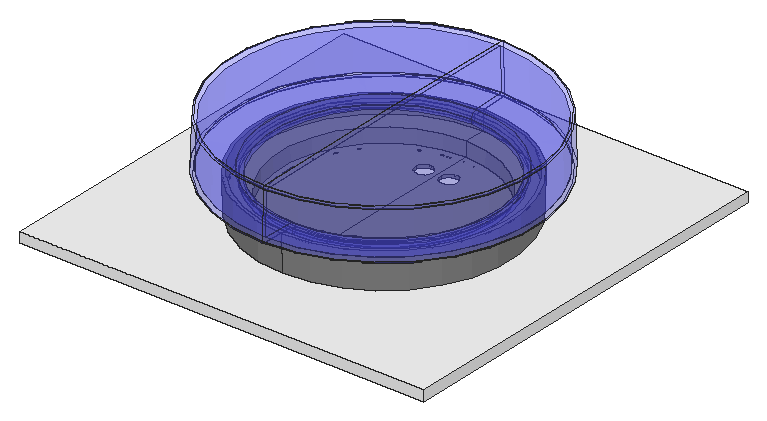
Revit family "BE_24026_de_DE", category Leuchten, Revit 2015
Parameters (values of type "BEGA_24026_Grafit_K4")
  built-in parameter 1150104 = 12.105 (stored number, unit not read)
  Wattage = 14.2 W
  Default Elevation = 0 mm
  built-in parameter 1150113 = 1 (stored number, unit not read)
  built-in parameter 1114218 = 1 (stored number, unit not read)
  Umgebungstemperatur = "25 °C"
  URL = "http://www.bega.de/produkt/24026"
  Typenkommentare = "© 2017 BEGA. Wir behalten uns das Recht vor, technische Änderungen ohne vorherige Ankündigung vorzunehmen."  # constant formula
  Type Image = 24026.png
  built-in parameter 1150134 = 12
  built-in parameter 1150109 = 1 (stored number, unit not read)
  Strom = ""
  built-in parameter 1150110 = 1 (stored number, unit not read)
  Spannung = 239.996 V
  Sonderanfertigung = no
  Seriennummer [instance] = "Hier können Sie die eindeutige Seriennummer für das Facility Management eintragen."
  Schutzklasse = "I"
  Schutzart = "IP 65"
  Scheinlast = 0 VA
  Produktdatenblatt = "http://www.bega.de/download/Xrfa/db/24026.db.de.pdf"
  Oberflächentemperatur = ""
  Neigungswinkel = 0.00°
  Modell = "24026K4"
  Material_17 = BEGA_Reflektor
  Material_15 = BEGA_Leuchtmedium_matt
  Material_11 = BEGA_Glas_opal
  Material_09 = BEGA_Glas_klar
  Material_06 = BEGA_Oberfläche_Edelstahl_gebürstet
  Material_05 = BEGA_Oberfläche_Aluminium Guss
  Material_03 = BEGA_Oberfläche_Weiss_matt
  Material_02 = BEGA_Oberfläche_Silber_matt
  Material_01 [instance] = BEGA_Oberfläche_Grafit_matt
  M_W = no
  M_G = yes
  M_A = no
  Logo = 0
  built-in parameter 1114217 = 1 (stored number, unit not read)
  built-in parameter 1150139 = (empty or 0)
  built-in parameter 1150105 = 487.84 (stored number, unit not read)
  built-in parameter 1150114 = 1 (stored number, unit not read)
  Lumens = 1850.26 lm
  built-in parameter 1150115 = 1 (stored number, unit not read)
  Leuchtenlichtstrom = "1797 lm"
  Leuchtenanzahl = ""
  Lebensdauerkriterien = "L70B50 @ 25 °C = 356000 h"
  Lastklassifizierung = Beleuchtung
  built-in parameter 1150112 = 1 (stored number, unit not read)
  Lampenlichtstrom = "1850 lm"
  Lampe = "LED 14.2 W"
  LED_Modulbezeichnung = "LED-0854/840 "
  built-in parameter 1150142 = (empty or 0)
  Hersteller = "BEGA"  # constant formula
  Halbstreuwinkel = ""
  Gewicht = "2.45 kg"
  Gebrauchslageneinschränkung [instance] = ""
  Frequenz = "0/50-60 Hz"
  Farbwiedergabeindex = "Ra > 80"
  Farbtemperaturverschiebung bei Dämpfen der Lampe = <Keine Auswahl>
  Farbtemperatur = "4000 K"
  Color Filter = 16777215
  built-in parameter 1150133 = 10 (stored number, unit not read)
  Energieeffizienzklasse = "LED A++ - A"
  built-in parameter 1150137 = (empty or 0)
  built-in parameter 1150132 = (empty or 0)
  ENEC = ""
  Dimmbar [instance] = "DALI"
  Datei für fotometrisches Netz = "BE_24026K4.IES"
  CE_Konformität = "ja"
  Bestellnummer = "24026K4"
  Beschreibung_Sonderanfertigung = "Hier können Sie Informationen zur Sonderanfertigung eintragen."
  Beschreibung = "Decken- und Wandleuchte"
  built-in parameter 1150106 = 4.8784 (stored number, unit not read)
  Befestigungsbohrung = "Ø 5,5 mm"
  Befestigungsabstand = "234 mm"
  Ballwurfsicher = ""
  BEGA_Intern_aus = yes
  BEGA_Intern_an = yes
  BEGA_Intern_Konstruktion = yes
  BEGA_Intern = yes
  BEGA_IES = yes
  BEGA_Dummy = no
  Anschlussleitung = ""
  Anschlussleistung [instance] = "16.7 W"
  Anschlusskasten = ""
  built-in parameter 1150107 = 4000 (stored number, unit not read)
  built-in parameter 1150102 = (empty or 0)
  built-in parameter 1150138 = (empty or 0)
  Aktualisierung = "2017-07-04T04:09:06"
  Abstand_zur_angestrahlten_Fläche [instance] = ""
  AC/DC = "AC/DC"
Types (2, lengths in mm): name | built-in parameter 1150134 | Modell | LED_Modulbezeichnung | Farbtemperatur | Datei für fotometrisches Netz | Bestellnummer | built-in parameter 1150107
  BEGA_24026_Grafit_K3 | (empty or 0) | "24026" | "LED-0854/830 " | "3000 K" | "BE_24026.IES" | "24026" | 3000 (stored number, unit not read)
  BEGA_24026_Grafit_K4 | 12 | "24026K4" | "LED-0854/840 " | "4000 K" | "BE_24026K4.IES" | "24026K4" | 4000 (stored number, unit not read)
Reference planes
  plane 1 "Mitte (Vorne/Hinten)": y = 0
  plane 2: z = 0
  plane 3 "Mitte (Links/Rechts)": x = 0
  plane 4 "Links": x = -149.9
  plane 5 "Rechts": x = 149.9
  plane 6 "Unten": y = -149.948
  plane 7 "Oben": y = 149.948
  plane 8 "Vorne": z = 88.482
  plane 9 "Hinten": z = 0
Forms (mm)
  Extrusion 1, solid, material "BEGA_Platte_Weiss"
    sketch origin (0, -1119.2, 0) x (1, 0, 0) y (0, 1, 0)
      loop
        line (-200, 1319.2) -> (-200, 919.2) -> (200, 919.2) -> (200, 1319.2) -> (-200, 1319.2)
    from 0 to -10
  Extrusion 2, solid, material "BEGA_Dummy_matt", visible <- "BEGA_Dummy"
    sketch origin (77.149, -76.023, 0) x (1, 0, 0) y (0, 1, 0)
      loop
        circle (-77.149, 76.023) r 150
    from 0 to 88.482
Dimensions and locks
  plane 1 "Mitte (Vorne/Hinten)" to Extrusion 1 = 200 mm
  aligned and locked: plane 2 to Extrusion 1
  aligned and locked: level to Extrusion 1
Nested families
  nested 1: "BE_24026" at (0, 0, 0), type "BE_24026"
Connectors
  electrical at (0, 0, 0), driven by "Lastklassifizierung", driven by "Spannung", driven by "Scheinlast"
    settings: index 1, voltage 239.996 V, apparent load 0 VA, apparent load phase1 0 VA, apparent load phase2 0 VA, apparent load phase3 0 VA, power factor 1, load classification "Beleuchtung", number of poles 1, system type 31, power factor state 1, is connector primary yes, connector utility no, sub classification motor no, connector description ""
Definition of nested family "BE_24026"
  Parameters (values of type "BE_24026")
    Default Elevation = 1 mm
    URL = "http://www.bega.de/de/produkt"
    Type Comments = "© 2015 BEGA. Wir behalten uns das Recht vor, technische Änderungen ohne vorherige Ankündigung vorzunehmen. "  # constant formula
    Type Image = (empty or 0)
    Neigungswinkel_um_Z2 = 0.00°
    Neigungswinkel_um_Z1 = 0.00°
    Neigungswinkel_um_Y2 = 0.00°
    Neigungswinkel_um_Y1 = 0.00°
    Neigungswinkel_um_X2 = 0.00°
    Neigungswinkel_um_X1 = 0.00°
    Material_17 = none
    Material_15 = none
    Material_11 = none
    Material_09 = none
    Material_06 = none
    Material_05 = none
    Material_03 = none
    Material_02 = none
    Material_01 = none
    M_W = yes
    M_G = yes
    M_A = yes
    Länge_Platte = 400 mm  # constant formula
    Höhe_Platte = -10 mm  # constant formula
    Manufacturer = "BEGA"  # constant formula
    Drehwinkel_um_Z2 = 0.00°
    Drehwinkel_um_Z1 = 0.00°
    Breite_Platte = 400 mm  # constant formula
  Reference planes
    plane 1 "Mitte (Oben/Unten)": y = 0
    plane 2: z = 0
    plane 3 "Mitte (Links/Rechts)": x = 0
    plane 4: y = -149.948
    plane 5: z = 88.482
    plane 6: y = 149.948
    plane 7: x = -149.9
    plane 8: x = 149.9
  Forms (mm)
    Extrusion 1, solid, detail levels medium
      sketch origin (0, 0, 0) x (1, 0, 0) y (0, 1, 0)
        loop
          line (-200, 200) -> (-200, -200) -> (200, -200) -> (200, 200) -> (-200, 200)
      from 0 to -10 <- "Höhe_Platte"
    Revolve 2, solid, material <- "Material_01", detail levels medium+fine
      sketch origin (0, 0, 0) x (0, 1, 0) y (0, 0, 1)
        loop
          line (0, 1.5) -> (0, 4) -> (-101.232, 4) -> (-101.721, 18) -> (-122.57, 18) -> (-122.264, 35.5) -> (-125.5, 35.5) -> (-124.889, 0.5) -> (-122.875, 0.5) -> (-122.613, 15.5) -> (-104.135, 15.5) -> (-103.645, 1.465)
          arc (-103.645, 1.465) -> (-103.34, 0.781) -> (-102.645, 0.5) r 1
          line (-102.645, 0.5) -> (-98.916, 0.5)
          arc (-98.916, 0.5) -> (-98.415, 0.635) -> (-98.049, 1.003) r 1
          arc (-98.049, 1.003) -> (-97.683, 1.367) -> (-97.185, 1.5) r 1
          line (-97.185, 1.5) -> (0, 1.5)
        axis (0, 35.5) -> (0, 0.5)
      angle from 0 to 360
    Revolve 3, solid, material <- "Material_01", detail levels medium+fine
      sketch origin (117, 0, 0) x (0, 1, 0) y (0, 0, 1)
        loop
          line (-2.75, -0.002) -> (-2.75, 16.628) -> (-8.028, 16.628) -> (-6.934, 0.974)
          arc (-6.934, 0.974) -> (-6.604, 0.28) -> (-5.888, -0.002) r 1.049
          line (-5.888, -0.002) -> (-2.75, -0.002)
        axis (0, -0.002) -> (0, 16.628)
      angle from 0 to 360
    Extrusion 4, void
      sketch origin (0, 0, 0) x (1, 0, 0) y (0, 1, 0)
        loop
          circle (-12.328, 65.33) r 8.5
        loop
          circle (12.328, 65.33) r 8.5
      from 0 to 10
    Revolve 5, solid, material <- "Material_11", detail levels medium+fine
      sketch origin (0, 0, 0) x (0, 1, 0) y (0, 0, 1)
        loop
          arc (-149.948, 38.981) -> (-149.399, 37.552) -> (-147.999, 36.93) r 2
          line (-147.999, 36.93) -> (-114.448, 36.051)
          arc (-114.448, 36.051) -> (-113.067, 35.447) -> (-112.5, 34.052) r 2
          line (-112.5, 34.052) -> (-112.5, 29) -> (-108.5, 29) -> (-108.5, 34.047)
          arc (-108.5, 34.047) -> (-110.202, 38.234) -> (-114.343, 40.045) r 6
          line (-114.343, 40.045) -> (-145.897, 40.876) -> (-144.793, 83.021)
          arc (-144.793, 83.021) -> (-72.4, 84.117) -> (0, 84.482) r 7176.541
          line (0, 84.482) -> (0, 88.48)
          arc (0, 88.48) -> (-73.402, 88.105) -> (-146.797, 86.979) r 7180.536
          arc (-146.797, 86.979) -> (-148.16, 86.395) -> (-148.745, 85.033) r 1.998
          line (-148.745, 85.033) -> (-149.948, 38.981)
        axis (0, 29) -> (0, 88.48)
      angle from 0 to 360
    Revolve 6, solid, material <- "Material_01", detail levels medium+fine
      sketch origin (-117, 0, 0) x (0, 1, 0) y (0, 0, -1)
        loop
          line (-2.75, 0.002) -> (-5.888, 0.002)
          arc (-5.888, 0.002) -> (-6.603, -0.28) -> (-6.934, -0.974) r 1.049
          line (-6.934, -0.974) -> (-8.028, -16.628) -> (-2.75, -16.628) -> (-2.75, 0.002)
        axis (0, 0.002) -> (0, -16.628)
      angle from 0 to 360
  Cuts and joins
    Extrusion 4 cuts Revolve 2
    Extrusion 4 cuts Revolve 3
    joined: Revolve 2, Revolve 3, Revolve 6
  Lines and regions (mm)
    model lines
      curve 1: line (93.513, 2.5, 0) -> (93.513, -2.602, 0)
  Dimensions and locks
    equal spacing: Extrusion 1 sketch curve, plane 3 "Mitte (Links/Rechts)", Extrusion 1 sketch curve
    equal spacing: Extrusion 1 sketch curve, plane 1 "Mitte (Oben/Unten)", Extrusion 1 sketch curve
    "Länge_Platte": Extrusion 1 sketch curve to Extrusion 1 sketch curve
    "Breite_Platte": Extrusion 1 sketch curve to Extrusion 1 sketch curve
    aligned and locked: Extrusion 1 to plane 2
    aligned and locked: level to Extrusion 1
  Automatic sketch dimensions
    plane 1 "Mitte (Oben/Unten)" to curve 1 = 2.602 mm
    curve 1 to plane 8 = 56.387 mm
    curve 1 to plane 1 "Mitte (Oben/Unten)" = 2.5 mm
    Revolve 2 sketch curve to plane 1 "Mitte (Oben/Unten)" = 0 mm  (x2)
    level to Revolve 2 sketch curve = 0.5 mm  (x3)
    Revolve 2 sketch curve to plane 4 = 52.764 mm
    Revolve 2 sketch curve to Revolve 2 sketch curve = 1.732 mm
    Revolve 2 sketch curve to Revolve 2 sketch curve = 2.315 mm
    level to Revolve 2 sketch curve = 18 mm
    Revolve 2 sketch curve to Revolve 2 sketch curve = 0.489 mm
    Revolve 2 sketch curve to Revolve 2 sketch curve = 1.414 mm
    level to Revolve 2 sketch curve = 15.5 mm
    Revolve 2 sketch curve to Revolve 2 sketch curve = 2.414 mm
    Revolve 2 sketch curve to Revolve 2 sketch curve = 20.544 mm
    Revolve 2 sketch curve to Revolve 2 sketch curve = 0.305 mm
    Revolve 2 sketch curve to Revolve 2 sketch curve = 0.044 mm
    Revolve 2 sketch curve to Revolve 2 sketch curve = 0.262 mm
    Revolve 2 sketch curve to Revolve 2 sketch curve = 2.014 mm
    Revolve 2 sketch curve to Revolve 2 sketch curve = 3.236 mm
    Revolve 2 sketch curve to Revolve 2 sketch curve = 1 mm  (x2)
    level to Revolve 2 sketch curve = 1.5 mm
    Revolve 2 sketch curve to Revolve 2 sketch curve = 2.5 mm
    Revolve 2 sketch curve to Revolve 2 sketch curve = 17.5 mm
    Revolve 2 sketch curve to Revolve 2 sketch curve = 0 mm  (x4)
    Revolve 2 sketch curve to Revolve 2 sketch curve = 0.864 mm
    Revolve 2 sketch curve to Revolve 2 sketch curve = 0.999 mm
    level to Revolve 2 sketch curve = 1.465 mm
    Revolve 3 sketch curve to plane 1 "Mitte (Oben/Unten)" = 0 mm
    Revolve 3 sketch curve to level = 0 mm
    Revolve 3 sketch curve to level = 0.002 mm
    plane 1 "Mitte (Oben/Unten)" to Revolve 3 sketch curve = 2.75 mm
    Revolve 3 sketch curve to Revolve 3 sketch curve = 3.138 mm
    level to Revolve 3 sketch curve = 0.974 mm
    Revolve 3 sketch curve to Revolve 3 sketch curve = 1.046 mm
    Revolve 3 sketch curve to Revolve 3 sketch curve = 5.278 mm
    Revolve 3 sketch curve to Revolve 3 sketch curve = 15.581 mm
    Revolve 3 sketch curve to Revolve 3 sketch curve = 3.016 mm
    Extrusion 4 sketch curve to plane 3 "Mitte (Links/Rechts)" = 12.328 mm
    plane 3 "Mitte (Links/Rechts)" to Extrusion 4 sketch curve = 12.328 mm
    Extrusion 4 sketch curve to plane 1 "Mitte (Oben/Unten)" = 65.33 mm
    Extrusion 4 sketch curve to Extrusion 4 sketch curve = 0 mm
    Revolve 5 sketch curve to plane 1 "Mitte (Oben/Unten)" = 0 mm  (x2)
    plane 1 "Mitte (Oben/Unten)" to Revolve 5 sketch curve = 0 mm
    Revolve 5 sketch curve to plane 4 = 41.448 mm
    Revolve 5 sketch curve to Revolve 5 sketch curve = 4 mm
    Revolve 5 sketch curve to Revolve 5 sketch curve = 2 mm
    Revolve 5 sketch curve to Revolve 5 sketch curve = 0 mm  (x9)
    Revolve 5 sketch curve to plane 4 = 5.155 mm
    Revolve 5 sketch curve to plane 4 = 4.052 mm
    Revolve 5 sketch curve to Revolve 5 sketch curve = 1.955 mm
    Revolve 5 sketch curve to plane 4 = 2 mm
    Revolve 5 sketch curve to plane 4 = 1.949 mm
    Revolve 5 sketch curve to plane 4 = 1.203 mm
    Revolve 5 sketch curve to plane 1 "Mitte (Oben/Unten)" = 0.009 mm
    Revolve 5 sketch curve to level = 7092.059 mm
    Revolve 5 sketch curve to Revolve 5 sketch curve = 0.003 mm
    level to Revolve 5 sketch curve = 29 mm
    Revolve 5 sketch curve to Revolve 5 sketch curve = 5.047 mm
    Revolve 5 sketch curve to Revolve 5 sketch curve = 0.004 mm  (x2)
    Revolve 5 sketch curve to Revolve 5 sketch curve = 2.878 mm
    Revolve 5 sketch curve to Revolve 5 sketch curve = 1.999 mm
    Revolve 5 sketch curve to Revolve 5 sketch curve = 1.947 mm
    plane 5 to Revolve 5 sketch curve = 5.461 mm
    Revolve 5 sketch curve to Revolve 5 sketch curve = 1.961 mm
    Revolve 5 sketch curve to Revolve 5 sketch curve = 0.051 mm
    Revolve 5 sketch curve to Revolve 5 sketch curve = 3.998 mm
    Revolve 5 sketch curve to Revolve 5 sketch curve = 0.157 mm
    Revolve 5 sketch curve to Revolve 5 sketch curve = 0.052 mm
    Revolve 5 sketch curve to plane 4 = 0.001 mm
    Revolve 5 sketch curve to Revolve 5 sketch curve = 19.552 mm
    Revolve 5 sketch curve to Revolve 5 sketch curve = 8.85 mm
    Revolve 6 sketch curve to plane 1 "Mitte (Oben/Unten)" = 0 mm
    Revolve 6 sketch curve to level = 0 mm
    Revolve 6 sketch curve to level = 0.002 mm
    plane 1 "Mitte (Oben/Unten)" to Revolve 6 sketch curve = 2.75 mm
    Revolve 6 sketch curve to Revolve 6 sketch curve = 3.138 mm
    level to Revolve 6 sketch curve = 0.974 mm
    Revolve 6 sketch curve to Revolve 6 sketch curve = 1.046 mm
    Revolve 6 sketch curve to Revolve 6 sketch curve = 5.278 mm
    Revolve 6 sketch curve to Revolve 6 sketch curve = 15.654 mm
    Revolve 6 sketch curve to Revolve 6 sketch curve = 3.016 mm
    radius of Extrusion 4 sketch curve = 8.5 mm  (x2)
